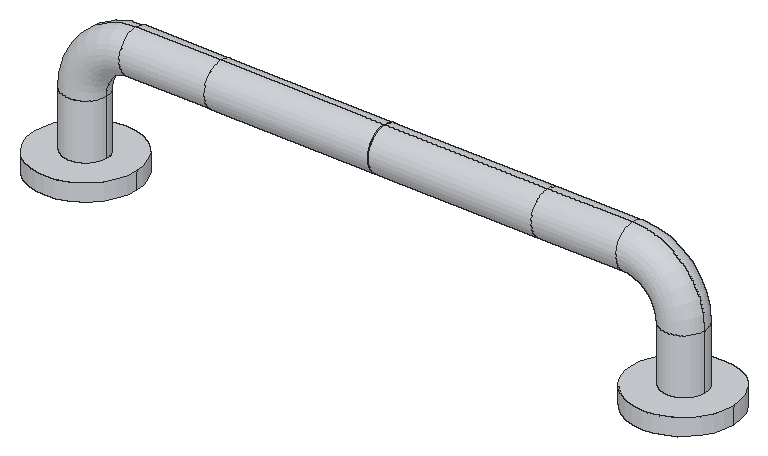
Revit family "Barra recta HJ2005500", category Generic Models, host Face, Revit 2014
Parameters
  MODELO = "BARRA RECTA"
  MARCA = "WASSER"
  EMPRESA = "CHC COMERCIAL HISPANO CHILENA"
  Default Elevation = 1219.2 mm
  DIMENSIONES = ""
  CÓDIGO = "HJ2005500"
  ACCESORIO = "BARRA"
Reference planes
  plane 1 "Center (Front/Back)": y = 0
  plane 2: z = 0
  plane 3 "Center (Left/Right)": x = 0
  plane 4: y = 110
  plane 5: y = -110
  plane 6: x = -204.984
  plane 7: x = 207.016
  plane 8: x = -30
  plane 9: z = 85
  plane 10: x = 151.016
  plane 11: x = 176.016
  plane 12: z = 118.401
  plane 13: z = 13.401
Forms (mm)
  Extrusion 1, solid
    sketch origin (-382.009, 18.961, 0) x (1, 0, 0) y (0, 1, 0)
      loop
        circle (207.025, -98.961) r 30
    from 0 to 10
  Extrusion 2, solid
    sketch origin (-30.009, 18.961, 0) x (1, 0, 0) y (0, 1, 0)
      loop
        circle (207.025, -98.961) r 30
    from 0 to 10
  Sweep 3, solid
    path in 3D
      loop
        line (0, -78.613, 72.5) -> (96.282, -78.613, 72.5) -> (146.282, -78.613, 72.5)
        arc (146.282, -78.613, 72.5) -> (167.495, -78.613, 63.713) -> (176.282, -78.613, 42.5) r 30
        line (176.282, -78.613, 42.5) -> (176.282, -78.613, 7.5)
    profile origin (176.282, -78.613, 25) x (1, 0, 0) y (0, 1, 0)
      loop
        circle (0, 0) r 12.5
  Sweep 4, solid
    path in 3D
      loop
        line (0, -78.613, 72.5) -> (-96.282, -78.613, 72.5) -> (-146.282, -78.613, 72.5)
        arc (-146.282, -78.613, 72.5) -> (-167.495, -78.613, 63.713) -> (-176.282, -78.613, 42.5) r 30
        line (-176.282, -78.613, 42.5) -> (-176.282, -78.613, 7.5)
    profile origin (-176.282, -78.613, 25) x (-1, 0, 0) y (0, -1, 0)
      loop
        circle (0, 0) r 12.5
Lines and regions (mm)
  sketch lines
    curve 1: line (176.282, -78.613, 42.5) -> (176.282, -78.613, 7.5)
    curve 2: arc (146.282, -78.613, 72.5) -> (167.495, -78.613, 63.713) -> (176.282, -78.613, 42.5) r 30
    curve 3: line (96.282, -78.613, 72.5) -> (146.282, -78.613, 72.5)
    curve 4: line (0, -78.613, 72.5) -> (96.282, -78.613, 72.5)
    curve 5: line (-176.282, -78.613, 42.5) -> (-176.282, -78.613, 7.5)
    curve 6: arc (-146.282, -78.613, 72.5) -> (-167.495, -78.613, 63.713) -> (-176.282, -78.613, 42.5) r 30
    curve 7: line (-96.282, -78.613, 72.5) -> (-146.282, -78.613, 72.5)
    curve 8: line (0, -78.613, 72.5) -> (-96.282, -78.613, 72.5)
Dimensions and locks
  aligned and locked: plane 2 to host face
  aligned and locked: level to host face
